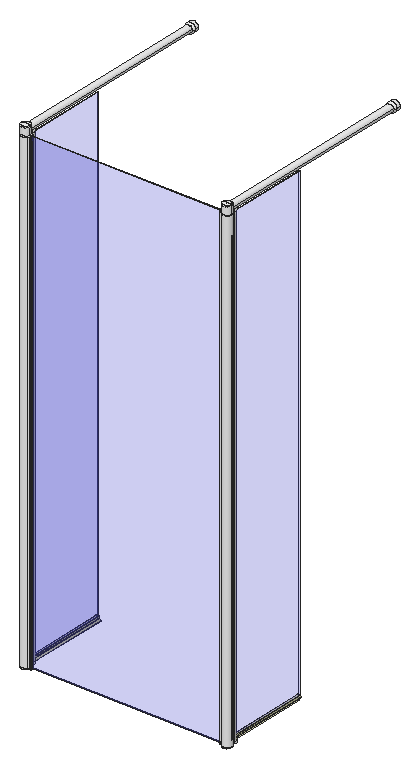
Revit family "FUT2", category Plumbing Fixtures, Revit 2015
Parameters (values of type "900")
  URL = "http://www.sanswiss.com/"
  Type Comments = "WALK IN FUN"
  Seal = Seal
  Model = "FUT2"
  Manufacturer = "SanSwiss"
  Glass = Glass
  Chrome = Chrome - Polished
  Aluminium = Aluminum - Polished
  X = 890 mm
Types (6, lengths in mm): name | X
  (no name) | 890
  1200 | 1190
  1400 | 1390
  1600 | 1590
  900 | 890
  1000 | 990
Reference planes
  plane 1 "Center (Front/Back)": y = 0
  plane 2: z = 0
  plane 3 "Center (Left/Right)": x = 0
  plane 4 "back": y = 900
  plane 5 "left": x = -890
  plane 6 "stabiliser": y = 23.011
  plane 7: x = -445
  plane 8: x = -4.043
  plane 9: x = -1185.957
  plane 10: y = 4.5
Forms (mm)
  Sweep 1, solid, material "Chrome - Polished" <- "Chrome"
    path origin (0, 0, 0) x (1, 0, 0) y (0, 0, 1)
      loop
        line (0, 1998.3) -> (0, 2002.6)
    profile origin (0, 0, 2000.45) x (-1, 0, 0) y (0, -1, 0)
      loop
        circle (22.63, -23.011) r 15
      loop
        line (51.63, -26.801) -> (51.63, -19.211)
        arc (51.63, -19.211) -> (51.393, -18.638) -> (50.819, -18.4) r 0.811
        line (50.819, -18.4) -> (47.095, -18.4)
        arc (47.095, -18.4) -> (42.171, -17.103) -> (38.524, -13.548) r 9.996
        arc (38.524, -13.548) -> (10.377, -9.258) -> (11.4, -37.712) r 18.486
        arc (11.4, -37.712) -> (14.281, -41.225) -> (15.319, -45.649) r 10.045
        line (15.319, -45.649) -> (15.319, -47.864)
        arc (15.319, -47.864) -> (15.238, -48.262) -> (15.008, -48.597) r 1.018
        arc (15.008, -48.597) -> (22.625, -66.78) -> (30.242, -48.597) r 10.687
        arc (30.242, -48.597) -> (30.016, -48.259) -> (29.93, -47.862) r 1.087
        line (29.93, -47.862) -> (29.93, -45.66)
        arc (29.93, -45.66) -> (30.965, -41.223) -> (33.856, -37.702) r 10.03
        arc (33.856, -37.702) -> (36.427, -35.312) -> (38.505, -32.482) r 18.633
        arc (38.505, -32.482) -> (42.163, -28.911) -> (47.107, -27.611) r 10.007
        line (47.107, -27.611) -> (50.819, -27.611)
        arc (50.819, -27.611) -> (51.393, -27.374) -> (51.63, -26.801) r 0.811
  Sweep 2, solid, material "Aluminum - Polished" <- "Aluminium"
    path origin (0, 0, 0) x (1, 0, 0) y (0, 0, 1)
      loop
        line (0, 1998.3) -> (0, 4.3)
    profile origin (0, 0, 1001.3) x (0, -1, 0) y (1, 0, 0)
      loop
        arc (-27.611, -50.798) -> (-26.806, -51.604) -> (-26, -50.798) r 0.806
        line (-26, -50.798) -> (-26.611, -49.925) -> (-26.122, -49.226) -> (-26.611, -48.526) -> (-26.09, -47.905) -> (-26.611, -47.161) -> (-26.103, -46.555) -> (-26.625, -44.098) -> (-19.327, -44.098) -> (-20, -46.61) -> (-19.411, -47.199) -> (-19.885, -47.876) -> (-19.411, -48.553) -> (-19.872, -49.21) -> (-19.411, -49.868) -> (-20, -50.81)
        arc (-20, -50.81) -> (-19.2, -51.61) -> (-18.4, -50.81) r 0.8
        line (-18.4, -50.81) -> (-18.4, -47.074)
        arc (-18.4, -47.074) -> (-17.103, -42.15) -> (-13.548, -38.503) r 9.996
        arc (-13.548, -38.503) -> (-9.258, -10.356) -> (-37.712, -11.379) r 18.486
        arc (-37.712, -11.379) -> (-41.225, -14.259) -> (-45.649, -15.298) r 10.045
        line (-45.649, -15.298) -> (-47.97, -15.298) -> (-45.187, -18.081) -> (-45.187, -16.636) -> (-43.3, -16.371) -> (-43.3, -19.973)
        arc (-43.3, -19.973) -> (-44.635, -22.598) -> (-43.3, -25.223) r 3.248
        line (-43.3, -25.223) -> (-43.3, -28.834) -> (-45.191, -28.568) -> (-45.191, -27.119) -> (-47.981, -29.909) -> (-45.66, -29.909)
        arc (-45.66, -29.909) -> (-41.223, -30.944) -> (-37.702, -33.834) r 10.03
        arc (-37.702, -33.834) -> (-35.312, -36.406) -> (-32.482, -38.484) r 18.633
        arc (-32.482, -38.484) -> (-28.911, -42.142) -> (-27.611, -47.086) r 10.007
        line (-27.611, -47.086) -> (-27.611, -50.798)
  Sweep 3, solid, material "Chrome - Polished" <- "Chrome"
    path origin (0, 0, 0) x (1, 0, 0) y (0, 0, 1)
      loop
        line (0, 4.3) -> (0, 0)
    profile origin (0, 0, 2.15) x (0, -1, 0) y (1, 0, 0)
      loop
        circle (-23.006, -22.654) r 15.002
      loop
        arc (-37.712, -11.423) -> (-41.225, -14.304) -> (-45.649, -15.342) r 10.045
        line (-45.649, -15.342) -> (-47.864, -15.342)
        arc (-47.864, -15.342) -> (-48.262, -15.261) -> (-48.597, -15.031) r 1.018
        arc (-48.597, -15.031) -> (-66.78, -22.649) -> (-48.597, -30.266) r 10.687
        arc (-48.597, -30.266) -> (-48.259, -30.04) -> (-47.862, -29.954) r 1.087
        line (-47.862, -29.954) -> (-45.66, -29.954)
        arc (-45.66, -29.954) -> (-41.223, -30.988) -> (-37.702, -33.879) r 10.03
        arc (-37.702, -33.879) -> (-35.312, -36.451) -> (-32.482, -38.529) r 18.633
        arc (-32.482, -38.529) -> (-28.911, -42.186) -> (-27.611, -47.13) r 10.007
        line (-27.611, -47.13) -> (-27.611, -50.843)
        arc (-27.611, -50.843) -> (-27.374, -51.416) -> (-26.801, -51.654) r 0.811
        line (-26.801, -51.654) -> (-19.211, -51.654)
        arc (-19.211, -51.654) -> (-18.638, -51.416) -> (-18.4, -50.842) r 0.811
        line (-18.4, -50.842) -> (-18.4, -47.119)
        arc (-18.4, -47.119) -> (-17.103, -42.194) -> (-13.548, -38.548) r 9.996
        arc (-13.548, -38.548) -> (-9.258, -10.401) -> (-37.712, -11.423) r 18.486
  Sweep 4, solid, material "Chrome - Polished" <- "Chrome"
    path origin (0, 0, 0) x (0, 1, 0) y (0, 0, 1)
      loop
        line (0, 7.8) -> (0, 4.3)
    profile origin (0, 0, 6.05) x (1, 0, 0) y (0, 1, 0)
      loop
        circle (-22.618, 56.1) r 9
  Sweep 5, solid, material "Chrome - Polished" <- "Chrome"
    path origin (-890, 0, 0) x (0, 1, 0) y (0, 0, 1)
      loop
        line (0, 1998.3) -> (0, 1994.8)
    profile origin (-890, 0, 1996.55) x (1, 0, 0) y (0, 1, 0)
      loop
        circle (867.404, 56.111) r 9
  Sweep 6, solid, material "Aluminum - Polished" <- "Aluminium"
    path origin (0, 0, 0) x (0, 1, 0) y (0, 0, 1)
      loop
        line (0, 1994.8) -> (0, 7.8)
    profile origin (0, 0, 1001.3) x (1, 0, 0) y (0, 1, 0)
      loop
        arc (-26.304, 64.297) -> (-22.587, 47.115) -> (-18.87, 64.297) r 8.993
        arc (-18.87, 64.297) -> (-19.773, 63.71) -> (-19.285, 62.75) r 0.805
        line (-19.285, 62.75) -> (-19.285, 58.664)
        arc (-19.285, 58.664) -> (-22.592, 51.961) -> (-25.899, 58.664) r 4.167
        line (-25.899, 58.664) -> (-25.899, 62.545)
        arc (-25.899, 62.545) -> (-25.398, 63.584) -> (-26.304, 64.297) r 0.921
  Extrusion 7, solid, material "Seal" <- "Seal"
    sketch origin (36.033, 0, 0) x (1, 0, 0) y (0, 0, 1)
      loop
        line (-59.491, 10.9) -> (-58.97, 0.914) -> (-58.641, -0.098) -> (-58.295, 0.914) -> (-57.773, 10.9) -> (-54.932, 10.9)
        arc (-54.932, 10.9) -> (-53.598, 11.491) -> (-53.141, 12.876) r 1.8
        line (-53.141, 12.876) -> (-54.196, 23.597)
        arc (-54.196, 23.597) -> (-54.774, 24.302) -> (-55.647, 24.04) r 0.822
        line (-55.647, 24.04) -> (-54.706, 14.491)
        arc (-54.706, 14.491) -> (-55.452, 13.807) -> (-54.588, 13.282) r 0.632
        arc (-54.588, 13.282) -> (-54.57, 12.735) -> (-54.903, 12.3) r 0.815
        line (-54.903, 12.3) -> (-62.337, 12.3)
        arc (-62.337, 12.3) -> (-62.601, 12.759) -> (-62.677, 13.282) r 1.407
        arc (-62.677, 13.282) -> (-61.811, 13.807) -> (-62.558, 14.491) r 0.632
        line (-62.558, 14.491) -> (-61.606, 24.158)
        arc (-61.606, 24.158) -> (-62.51, 24.329) -> (-63.068, 23.597) r 0.876
        line (-63.068, 23.597) -> (-64.169, 12.412)
        arc (-64.169, 12.412) -> (-67.551, 9.237) -> (-71.763, 7.291) r 14.508
        arc (-71.763, 7.291) -> (-72.113, 6.669) -> (-71.491, 6.318) r 0.505
        arc (-71.491, 6.318) -> (-66.744, 7.906) -> (-62.732, 10.9) r 15.781
        line (-62.732, 10.9) -> (-59.491, 10.9)
    from -65.021 to -404.5
  Extrusion 8, solid, material "Glass" <- "Glass"
    sketch origin (36.024, -26.521, 0) x (1, 0, 0) y (0, 1, 0)
      loop
        line (-61.632, 56.1) -> (-55.632, 56.1) -> (-55.632, 431.021) -> (-61.632, 431.021) -> (-61.632, 56.1)
    from 12.3 to 1989.3
  Extrusion 9, solid, material "Glass" <- "Glass"
    sketch origin (0, 0, 0) x (1, 0, 0) y (0, 1, 0)
      loop
        line (-44.098, 26) -> (-852.6, 26) -> (-852.6, 20) -> (-44.098, 20) -> (-44.098, 26)
    from 1.5 to 2000.5
  Sweep 10, solid, material "Chrome - Polished" <- "Chrome"
    path origin (-1200, 0, 0) x (-1, 0, 0) y (0, 0, 1)
      loop
        line (-310, 1998.3) -> (-310, 2002.6)
    profile origin (-890, 0, 2000.45) x (-1, 0, 0) y (0, -1, 0)
      loop
        circle (-22.63, -23.011) r 15
      loop
        arc (-51.63, -26.801) -> (-51.393, -27.374) -> (-50.819, -27.611) r 0.811
        line (-50.819, -27.611) -> (-47.107, -27.611)
        arc (-47.107, -27.611) -> (-42.163, -28.911) -> (-38.505, -32.482) r 10.007
        arc (-38.505, -32.482) -> (-36.427, -35.312) -> (-33.856, -37.702) r 18.633
        arc (-33.856, -37.702) -> (-30.965, -41.223) -> (-29.93, -45.66) r 10.03
        line (-29.93, -45.66) -> (-29.93, -47.862)
        arc (-29.93, -47.862) -> (-30.016, -48.259) -> (-30.242, -48.597) r 1.087
        arc (-30.242, -48.597) -> (-22.625, -66.78) -> (-15.008, -48.597) r 10.687
        arc (-15.008, -48.597) -> (-15.238, -48.262) -> (-15.319, -47.864) r 1.018
        line (-15.319, -47.864) -> (-15.319, -45.649)
        arc (-15.319, -45.649) -> (-14.281, -41.225) -> (-11.4, -37.712) r 10.045
        arc (-11.4, -37.712) -> (-10.377, -9.258) -> (-38.524, -13.548) r 18.486
        arc (-38.524, -13.548) -> (-42.171, -17.103) -> (-47.095, -18.4) r 9.996
        line (-47.095, -18.4) -> (-50.819, -18.4)
        arc (-50.819, -18.4) -> (-51.393, -18.638) -> (-51.63, -19.211) r 0.811
        line (-51.63, -19.211) -> (-51.63, -26.801)
  Sweep 11, solid, material "Aluminum - Polished" <- "Aluminium"
    path origin (-1200, 0, 0) x (-1, 0, 0) y (0, 0, 1)
      loop
        line (-310, 1998.3) -> (-310, 4.3)
    profile origin (-890, 0, 1001.3) x (0, -1, 0) y (1, 0, 0)
      loop
        line (-27.611, 50.798) -> (-27.611, 47.086)
        arc (-27.611, 47.086) -> (-28.911, 42.142) -> (-32.482, 38.484) r 10.007
        arc (-32.482, 38.484) -> (-35.312, 36.406) -> (-37.702, 33.834) r 18.633
        arc (-37.702, 33.834) -> (-41.223, 30.944) -> (-45.66, 29.909) r 10.03
        line (-45.66, 29.909) -> (-47.981, 29.909) -> (-45.191, 27.119) -> (-45.191, 28.568) -> (-43.3, 28.834) -> (-43.3, 25.223)
        arc (-43.3, 25.223) -> (-44.635, 22.598) -> (-43.3, 19.973) r 3.248
        line (-43.3, 19.973) -> (-43.3, 16.371) -> (-45.187, 16.636) -> (-45.187, 18.081) -> (-47.97, 15.298) -> (-45.649, 15.298)
        arc (-45.649, 15.298) -> (-41.225, 14.259) -> (-37.712, 11.379) r 10.045
        arc (-37.712, 11.379) -> (-9.258, 10.356) -> (-13.548, 38.503) r 18.486
        arc (-13.548, 38.503) -> (-17.103, 42.15) -> (-18.4, 47.074) r 9.996
        line (-18.4, 47.074) -> (-18.4, 50.81)
        arc (-18.4, 50.81) -> (-19.2, 51.61) -> (-20, 50.81) r 0.8
        line (-20, 50.81) -> (-19.411, 49.868) -> (-19.872, 49.21) -> (-19.411, 48.553) -> (-19.885, 47.876) -> (-19.411, 47.199) -> (-20, 46.61) -> (-19.327, 44.098) -> (-26.625, 44.098) -> (-26.103, 46.555) -> (-26.611, 47.161) -> (-26.09, 47.905) -> (-26.611, 48.526) -> (-26.122, 49.226) -> (-26.611, 49.925) -> (-26, 50.798)
        arc (-26, 50.798) -> (-26.806, 51.604) -> (-27.611, 50.798) r 0.806
  Sweep 12, solid, material "Chrome - Polished" <- "Chrome"
    path origin (-1200, 0, 0) x (-1, 0, 0) y (0, 0, 1)
      loop
        line (-310, 4.3) -> (-310, 0)
    profile origin (-890, 0, 2.15) x (0, -1, 0) y (1, 0, 0)
      loop
        circle (-23.006, 22.654) r 15.002
      loop
        arc (-37.712, 11.423) -> (-9.258, 10.401) -> (-13.548, 38.548) r 18.486
        arc (-13.548, 38.548) -> (-17.103, 42.194) -> (-18.4, 47.119) r 9.996
        line (-18.4, 47.119) -> (-18.4, 50.842)
        arc (-18.4, 50.842) -> (-18.638, 51.416) -> (-19.211, 51.654) r 0.811
        line (-19.211, 51.654) -> (-26.801, 51.654)
        arc (-26.801, 51.654) -> (-27.374, 51.416) -> (-27.611, 50.843) r 0.811
        line (-27.611, 50.843) -> (-27.611, 47.13)
        arc (-27.611, 47.13) -> (-28.911, 42.186) -> (-32.482, 38.529) r 10.007
        arc (-32.482, 38.529) -> (-35.312, 36.451) -> (-37.702, 33.879) r 18.633
        arc (-37.702, 33.879) -> (-41.223, 30.988) -> (-45.66, 29.954) r 10.03
        line (-45.66, 29.954) -> (-47.862, 29.954)
        arc (-47.862, 29.954) -> (-48.259, 30.04) -> (-48.597, 30.266) r 1.087
        arc (-48.597, 30.266) -> (-66.78, 22.649) -> (-48.597, 15.031) r 10.687
        arc (-48.597, 15.031) -> (-48.262, 15.261) -> (-47.864, 15.342) r 1.018
        line (-47.864, 15.342) -> (-45.649, 15.342)
        arc (-45.649, 15.342) -> (-41.225, 14.304) -> (-37.712, 11.423) r 10.045
  Extrusion 13, solid, material "Seal" <- "Seal"
    sketch origin (-1236.033, 0, 0) x (-1, 0, 0) y (0, 0, -1)
      loop
        line (-369.491, -10.9) -> (-372.732, -10.9)
        arc (-372.732, -10.9) -> (-376.744, -7.906) -> (-381.491, -6.318) r 15.781
        arc (-381.491, -6.318) -> (-382.113, -6.669) -> (-381.763, -7.291) r 0.505
        arc (-381.763, -7.291) -> (-377.551, -9.237) -> (-374.169, -12.412) r 14.508
        line (-374.169, -12.412) -> (-373.068, -23.597)
        arc (-373.068, -23.597) -> (-372.51, -24.329) -> (-371.606, -24.158) r 0.876
        line (-371.606, -24.158) -> (-372.558, -14.491)
        arc (-372.558, -14.491) -> (-371.811, -13.807) -> (-372.677, -13.282) r 0.632
        arc (-372.677, -13.282) -> (-372.601, -12.759) -> (-372.337, -12.3) r 1.407
        line (-372.337, -12.3) -> (-364.903, -12.3)
        arc (-364.903, -12.3) -> (-364.57, -12.735) -> (-364.588, -13.282) r 0.815
        arc (-364.588, -13.282) -> (-365.452, -13.807) -> (-364.706, -14.491) r 0.632
        line (-364.706, -14.491) -> (-365.647, -24.04)
        arc (-365.647, -24.04) -> (-364.774, -24.302) -> (-364.196, -23.597) r 0.822
        line (-364.196, -23.597) -> (-363.141, -12.876)
        arc (-363.141, -12.876) -> (-363.598, -11.491) -> (-364.932, -10.9) r 1.8
        line (-364.932, -10.9) -> (-367.773, -10.9) -> (-368.295, -0.914) -> (-368.641, 0.098) -> (-368.97, -0.914) -> (-369.491, -10.9)
    from -65.021 to -404.5
  Extrusion 14, solid, material "Glass" <- "Glass"
    sketch origin (-1236.024, -26.521, 0) x (-1, 0, 0) y (0, -1, 0)
      loop
        line (-371.632, -56.1) -> (-371.632, -431.021) -> (-365.632, -431.021) -> (-365.632, -56.1) -> (-371.632, -56.1)
    from 12.3 to 1989.3
  Sweep 15, solid, material "Chrome - Polished" <- "Chrome"
    path origin (-890, 0, 0) x (0, 1, 0) y (0, 0, 1)
      loop
        line (0, 7.8) -> (0, 4.3)
    profile origin (-890, 0, 6.05) x (1, 0, 0) y (0, 1, 0)
      loop
        circle (22.382, 56.111) r 9
  Sweep 16, solid, material "Chrome - Polished" <- "Chrome"
    path origin (-890, 0, 0) x (0, 1, 0) y (0, 0, 1)
      loop
        line (0, 1998.3) -> (0, 1994.8)
    profile origin (-890, 0, 1996.55) x (1, 0, 0) y (0, 1, 0)
      loop
        circle (22.608, 56.1) r 9
  Sweep 17, solid, material "Aluminum - Polished" <- "Aluminium"
    path origin (-890, 0, 0) x (0, 1, 0) y (0, 0, 1)
      loop
        line (0, 1994.8) -> (0, 7.8)
    profile origin (-890, 0, 1001.3) x (1, 0, 0) y (0, 1, 0)
      loop
        arc (26.325, 64.289) -> (25.419, 63.575) -> (25.92, 62.537) r 0.921
        line (25.92, 62.537) -> (25.92, 58.655)
        arc (25.92, 58.655) -> (22.613, 51.953) -> (19.306, 58.655) r 4.167
        line (19.306, 58.655) -> (19.306, 62.742)
        arc (19.306, 62.742) -> (19.794, 63.702) -> (18.891, 64.289) r 0.805
        arc (18.891, 64.289) -> (22.608, 47.107) -> (26.325, 64.289) r 8.993
Dimensions and locks
  plane 1 "Center (Front/Back)" to plane 4 "back" = 900 mm
  "X": plane 5 "left" to plane 3 "Center (Left/Right)"
  equal spacing: plane 5 "left", plane 7, plane 3 "Center (Left/Right)"
  plane 9 to Sweep 1 = 1181.77 mm
  Extrusion 8 to plane 10 = 400 mm
  Extrusion 14 to plane 10 = 400 mm
  aligned and locked: level to plane 2
  aligned and locked: plane 5 "left" to nested 2
Automatic sketch dimensions
  Sweep 1 sketch curve to plane 3 "Center (Left/Right)" = 0 mm
  level to Sweep 1 sketch curve = 1998.3 mm
  Sweep 1 sketch curve to Sweep 1 sketch curve = 4.3 mm
  Sweep 1 sketch curve to profile plane = 5.273 mm
  Sweep 1 sketch curve to Sweep 1 sketch curve = 9.027 mm
  Sweep 1 sketch curve to Sweep 1 sketch curve = 1.018 mm
  Sweep 1 sketch curve to profile plane = 22.515 mm
  Sweep 1 sketch curve to Sweep 1 sketch curve = 7.306 mm
  Sweep 1 sketch curve to Sweep 1 sketch curve = 0.116 mm
  Sweep 1 sketch curve to Sweep 1 sketch curve = 0.044 mm
  Sweep 1 sketch curve to Sweep 1 sketch curve = 7.305 mm
  Sweep 1 sketch curve to Sweep 1 sketch curve = 1.087 mm
  Sweep 1 sketch curve to Sweep 1 sketch curve = 8.944 mm
  Sweep 1 sketch curve to Sweep 1 sketch curve = 7.133 mm
  Sweep 1 sketch curve to Sweep 1 sketch curve = 0.001 mm
  Sweep 1 sketch curve to Sweep 1 sketch curve = 0.011 mm
  Sweep 1 sketch curve to Sweep 1 sketch curve = 3.724 mm
  Sweep 1 sketch curve to Sweep 1 sketch curve = 3.713 mm
  Sweep 1 sketch curve to Sweep 1 sketch curve = 0.811 mm
  Sweep 1 sketch curve to plane 1 "Center (Front/Back)" = 56.093 mm
  Sweep 1 sketch curve to Sweep 1 sketch curve = 8.229 mm
  Sweep 1 sketch curve to Sweep 1 sketch curve = 8.231 mm
  Sweep 1 sketch curve to Sweep 1 sketch curve = 0.028 mm
  Sweep 1 sketch curve to Sweep 1 sketch curve = 2.191 mm
  Sweep 1 sketch curve to Sweep 1 sketch curve = 2.174 mm
  Sweep 1 sketch curve to Sweep 1 sketch curve = 2.216 mm
  Sweep 1 sketch curve to Sweep 1 sketch curve = 8.042 mm
  Sweep 1 sketch curve to Sweep 1 sketch curve = 10.007 mm
  Sweep 1 sketch curve to plane 1 "Center (Front/Back)" = 23.061 mm
  Sweep 1 sketch curve to Sweep 1 sketch curve = 0.05 mm
  Sweep 1 sketch curve to Sweep 1 sketch curve = 0.093 mm
  Sweep 1 sketch curve to Sweep 1 sketch curve = 7.589 mm
  Sweep 1 sketch curve to plane 1 "Center (Front/Back)" = 8.404 mm
  Sweep 1 sketch curve to Sweep 1 sketch curve = 0 mm  (x2)
  Sweep 1 sketch curve to Sweep 1 sketch curve = 0.311 mm
  Sweep 2 sketch curve to plane 3 "Center (Left/Right)" = 0 mm
  level to Sweep 2 sketch curve = 4.3 mm
  Sweep 2 sketch curve to Sweep 2 sketch curve = 1994 mm
  profile plane to Sweep 2 sketch curve = 29.909 mm
  Sweep 2 sketch curve to plane 1 "Center (Front/Back)" = 47.981 mm
  profile plane to Sweep 2 sketch curve = 15.298 mm
  Sweep 2 sketch curve to Sweep 2 sketch curve = 0.011 mm
  Sweep 2 sketch curve to Sweep 2 sketch curve = 2.297 mm
  Sweep 2 sketch curve to Sweep 2 sketch curve = 2.321 mm  (x2)
  Sweep 2 sketch curve to Sweep 2 sketch curve = 0.469 mm
  profile plane to Sweep 2 sketch curve = 16.636 mm
  Sweep 2 sketch curve to Sweep 2 sketch curve = 0.462 mm
  Sweep 2 sketch curve to Sweep 2 sketch curve = 1.891 mm
  Sweep 2 sketch curve to Sweep 2 sketch curve = 1.887 mm
  Sweep 2 sketch curve to Sweep 2 sketch curve = 1.913 mm
  Sweep 2 sketch curve to Sweep 2 sketch curve = 8.042 mm
  Sweep 2 sketch curve to Sweep 2 sketch curve = 10.007 mm
  Sweep 2 sketch curve to Sweep 2 sketch curve = 0.806 mm
  Sweep 2 sketch curve to Sweep 2 sketch curve = 0.986 mm
  Sweep 2 sketch curve to Sweep 2 sketch curve = 1 mm
  Sweep 2 sketch curve to Sweep 2 sketch curve = 0.194 mm
  Sweep 2 sketch curve to Sweep 2 sketch curve = 0 mm  (x4)
  Sweep 2 sketch curve to Sweep 2 sketch curve = 0.49 mm
  Sweep 2 sketch curve to Sweep 2 sketch curve = 0.509 mm
  Sweep 2 sketch curve to Sweep 2 sketch curve = 0.521 mm
  Sweep 2 sketch curve to Sweep 2 sketch curve = 18.325 mm
  Sweep 2 sketch curve to Sweep 2 sketch curve = 0.143 mm
  Sweep 2 sketch curve to Sweep 2 sketch curve = 6.103 mm
  Sweep 2 sketch curve to Sweep 2 sketch curve = 0.115 mm
  Sweep 2 sketch curve to Sweep 2 sketch curve = 0.013 mm
  Sweep 2 sketch curve to Sweep 2 sketch curve = 0.461 mm  (x2)
  Sweep 2 sketch curve to Sweep 2 sketch curve = 0.474 mm
  Sweep 2 sketch curve to Sweep 2 sketch curve = 0.673 mm
  Sweep 2 sketch curve to Sweep 2 sketch curve = 0.8 mm
  Sweep 2 sketch curve to Sweep 2 sketch curve = 1.011 mm
  Sweep 2 sketch curve to plane 1 "Center (Front/Back)" = 8.404 mm
  Sweep 2 sketch curve to Sweep 2 sketch curve = 10.03 mm
  Sweep 2 sketch curve to Sweep 2 sketch curve = 4.158 mm
  Sweep 2 sketch curve to Sweep 2 sketch curve = 2.457 mm
  Sweep 2 sketch curve to Sweep 2 sketch curve = 2.513 mm
  Sweep 2 sketch curve to Sweep 2 sketch curve = 7.133 mm
  Sweep 2 sketch curve to Sweep 2 sketch curve = 0.464 mm
  Sweep 2 sketch curve to Sweep 2 sketch curve = 0.53 mm
  Sweep 2 sketch curve to Sweep 2 sketch curve = 0.606 mm
  Sweep 2 sketch curve to Sweep 2 sketch curve = 0.589 mm
  Sweep 2 sketch curve to Sweep 2 sketch curve = 0.677 mm  (x2)
  Sweep 2 sketch curve to Sweep 2 sketch curve = 0.744 mm
  Sweep 2 sketch curve to Sweep 2 sketch curve = 0.621 mm
  Sweep 2 sketch curve to Sweep 2 sketch curve = 0.658 mm  (x2)
  Sweep 2 sketch curve to Sweep 2 sketch curve = 0.699 mm  (x2)
  Sweep 2 sketch curve to Sweep 2 sketch curve = 0.873 mm
  Sweep 2 sketch curve to Sweep 2 sketch curve = 0.942 mm
  Sweep 2 sketch curve to Sweep 2 sketch curve = 1.075 mm
  Sweep 2 sketch curve to Sweep 2 sketch curve = 1.341 mm
  Sweep 2 sketch curve to Sweep 2 sketch curve = 1.449 mm
  Sweep 2 sketch curve to Sweep 2 sketch curve = 1.896 mm
  Sweep 2 sketch curve to Sweep 2 sketch curve = 2.57 mm
  Sweep 2 sketch curve to Sweep 2 sketch curve = 2.625 mm
  Sweep 2 sketch curve to Sweep 2 sketch curve = 0.159 mm
  Sweep 2 sketch curve to Sweep 2 sketch curve = 1.444 mm
  Sweep 2 sketch curve to Sweep 2 sketch curve = 0.265 mm
  profile plane to Sweep 2 sketch curve = 5.252 mm
  Sweep 2 sketch curve to Sweep 2 sketch curve = 0.012 mm
  Sweep 3 sketch curve to level = 0 mm
  Sweep 3 sketch curve to plane 3 "Center (Left/Right)" = 0 mm
  level to Sweep 3 sketch curve = 4.3 mm
  profile plane to Sweep 3 sketch curve = 22.649 mm
  Sweep 3 sketch curve to plane 1 "Center (Front/Back)" = 56.093 mm
  Sweep 3 sketch curve to Sweep 3 sketch curve = 8.229 mm
  Sweep 3 sketch curve to Sweep 3 sketch curve = 8.231 mm
  Sweep 3 sketch curve to Sweep 3 sketch curve = 0.028 mm
  profile plane to Sweep 3 sketch curve = 5.297 mm
  Sweep 3 sketch curve to Sweep 3 sketch curve = 2.191 mm
  Sweep 3 sketch curve to Sweep 3 sketch curve = 2.174 mm
  Sweep 3 sketch curve to Sweep 3 sketch curve = 2.216 mm
  Sweep 3 sketch curve to Sweep 3 sketch curve = 8.042 mm
  Sweep 3 sketch curve to Sweep 3 sketch curve = 10.007 mm
  Sweep 3 sketch curve to Sweep 3 sketch curve = 0.811 mm  (x2)
  Sweep 3 sketch curve to plane 1 "Center (Front/Back)" = 23.061 mm
  Sweep 3 sketch curve to Sweep 3 sketch curve = 0.055 mm
  Sweep 3 sketch curve to Sweep 3 sketch curve = 0.088 mm
  Sweep 3 sketch curve to Sweep 3 sketch curve = 7.589 mm
  Sweep 3 sketch curve to plane 1 "Center (Front/Back)" = 8.404 mm
  profile plane to Sweep 3 sketch curve = 22.654 mm
  Sweep 3 sketch curve to Sweep 3 sketch curve = 0.044 mm
  Sweep 3 sketch curve to Sweep 3 sketch curve = 7.305 mm
  Sweep 3 sketch curve to Sweep 3 sketch curve = 1.087 mm
  Sweep 3 sketch curve to Sweep 3 sketch curve = 8.944 mm
  Sweep 3 sketch curve to Sweep 3 sketch curve = 7.133 mm
  Sweep 3 sketch curve to Sweep 3 sketch curve = 0.001 mm
  Sweep 3 sketch curve to Sweep 3 sketch curve = 0.011 mm
  Sweep 3 sketch curve to Sweep 3 sketch curve = 3.724 mm
  Sweep 3 sketch curve to Sweep 3 sketch curve = 0.116 mm
  Sweep 3 sketch curve to Sweep 3 sketch curve = 10.045 mm
  Sweep 3 sketch curve to Sweep 3 sketch curve = 1.018 mm
  Sweep 3 sketch curve to Sweep 3 sketch curve = 0 mm  (x3)
  Sweep 4 sketch curve to plane 3 "Center (Left/Right)" = 22.618 mm
  Sweep 4 sketch curve to profile plane = 56.1 mm
  Sweep 5 sketch curve to Sweep 5 sketch curve = 0 mm  (x2)
  Sweep 5 sketch curve to plane 3 "Center (Left/Right)" = 22.596 mm
  Sweep 5 sketch curve to profile plane = 56.111 mm
  Sweep 5 sketch curve to Sweep 5 sketch curve = 9 mm
  Sweep 6 sketch curve to plane 1 "Center (Front/Back)" = 0 mm
  level to Sweep 6 sketch curve = 7.8 mm
  Sweep 6 sketch curve to Sweep 6 sketch curve = 1987 mm
  Sweep 6 sketch curve to plane 3 "Center (Left/Right)" = 26.295 mm
  Sweep 6 sketch curve to Sweep 6 sketch curve = 0.396 mm
  Sweep 6 sketch curve to Sweep 6 sketch curve = 3.307 mm  (x2)
  Sweep 6 sketch curve to Sweep 6 sketch curve = 0.005 mm
  Sweep 6 sketch curve to Sweep 6 sketch curve = 0.29 mm
  Sweep 6 sketch curve to profile plane = 56.108 mm
  Sweep 6 sketch curve to Sweep 6 sketch curve = 0.02 mm
  Sweep 6 sketch curve to Sweep 6 sketch curve = 2.535 mm
  Sweep 6 sketch curve to Sweep 6 sketch curve = 3.882 mm
  Sweep 6 sketch curve to Sweep 6 sketch curve = 4.086 mm
  Sweep 6 sketch curve to Sweep 6 sketch curve = 0.831 mm
  Sweep 6 sketch curve to Sweep 6 sketch curve = 0.752 mm
  Sweep 6 sketch curve to Sweep 6 sketch curve = 0.009 mm
  Extrusion 7 sketch curve to plane 3 "Center (Left/Right)" = 39.63 mm
  Extrusion 7 sketch curve to Extrusion 7 sketch curve = 1.605 mm
  level to Extrusion 7 sketch curve = 6.804 mm
  Extrusion 7 sketch curve to Extrusion 7 sketch curve = 4.037 mm
  level to Extrusion 7 sketch curve = 12.412 mm
  Extrusion 7 sketch curve to Extrusion 7 sketch curve = 7.458 mm
  Extrusion 7 sketch curve to Extrusion 7 sketch curve = 10.99 mm
  Extrusion 7 sketch curve to Extrusion 7 sketch curve = 1.437 mm
  level to Extrusion 7 sketch curve = 14.491 mm  (x2)
  Extrusion 7 sketch curve to Extrusion 7 sketch curve = 1.611 mm
  Extrusion 7 sketch curve to Extrusion 7 sketch curve = 0.117 mm
  Extrusion 7 sketch curve to Extrusion 7 sketch curve = 0.396 mm
  Extrusion 7 sketch curve to Extrusion 7 sketch curve = 0.872 mm
  Extrusion 7 sketch curve to Extrusion 7 sketch curve = 0.59 mm
  Extrusion 7 sketch curve to Extrusion 7 sketch curve = 1.17 mm
  level to Extrusion 7 sketch curve = 10.9 mm  (x2)
  Extrusion 7 sketch curve to Extrusion 7 sketch curve = 1.78 mm
  level to Extrusion 7 sketch curve = 0.914 mm  (x2)
  Extrusion 7 sketch curve to Extrusion 7 sketch curve = 0.521 mm
  Extrusion 7 sketch curve to level = 0.098 mm
  Extrusion 7 sketch curve to Extrusion 7 sketch curve = 0.329 mm
  Extrusion 7 sketch curve to Extrusion 7 sketch curve = 0.675 mm
  Extrusion 7 sketch curve to Extrusion 7 sketch curve = 1.717 mm
  Extrusion 7 sketch curve to Extrusion 7 sketch curve = 5.959 mm
  Extrusion 7 sketch curve to Extrusion 7 sketch curve = 2.427 mm
  Extrusion 7 sketch curve to Extrusion 7 sketch curve = 0.633 mm
  Extrusion 7 sketch curve to Extrusion 7 sketch curve = 0.414 mm
  Extrusion 7 sketch curve to Extrusion 7 sketch curve = 0.029 mm
  Extrusion 7 sketch curve to Extrusion 7 sketch curve = 0.524 mm
  Extrusion 7 sketch curve to Extrusion 7 sketch curve = 0.116 mm
  Extrusion 7 sketch curve to Extrusion 7 sketch curve = 0.818 mm
  level to Extrusion 7 sketch curve = 12.876 mm
  Extrusion 7 sketch curve to Extrusion 7 sketch curve = 1.791 mm
  Extrusion 7 sketch curve to Extrusion 7 sketch curve = 0.4 mm
  Extrusion 7 sketch curve to Extrusion 7 sketch curve = 0.284 mm
  Extrusion 7 sketch curve to Extrusion 7 sketch curve = 0.919 mm
  Extrusion 7 sketch curve to Extrusion 7 sketch curve = 0.621 mm  (x2)
  Extrusion 7 sketch curve to Extrusion 7 sketch curve = 8.852 mm
  Extrusion 7 sketch curve to Extrusion 7 sketch curve = 0.624 mm
  Extrusion 7 sketch curve to Extrusion 7 sketch curve = 9.021 mm
  Extrusion 7 sketch curve to Extrusion 7 sketch curve = 0.005 mm
  Extrusion 7 sketch curve to Extrusion 7 sketch curve = 0.086 mm
  Extrusion 7 sketch curve to Extrusion 7 sketch curve = 0.08 mm
  Extrusion 7 sketch curve to Extrusion 7 sketch curve = 0 mm
  Extrusion 8 sketch curve to plane 3 "Center (Left/Right)" = 25.608 mm
  Extrusion 8 sketch curve to Extrusion 8 sketch curve = 6 mm
  plane 6 "stabiliser" to Extrusion 8 sketch curve = 6.568 mm
  Extrusion 8 sketch curve to Extrusion 8 sketch curve = 374.921 mm
  plane 6 "stabiliser" to Extrusion 9 sketch curve = 2.989 mm
  plane 5 "left" to Extrusion 9 sketch curve = 37.4 mm
  Extrusion 9 sketch curve to plane 6 "stabiliser" = 3.011 mm
  Extrusion 9 sketch curve to plane 3 "Center (Left/Right)" = 44.098 mm
  Sweep 10 sketch curve to plane 5 "left" = 0 mm
  Sweep 10 sketch curve to level = 1998.3 mm
  Sweep 10 sketch curve to Sweep 10 sketch curve = 4.3 mm
  profile plane to Sweep 10 sketch curve = 51.63 mm
  Sweep 10 sketch curve to Sweep 10 sketch curve = 0.811 mm  (x2)
  Sweep 10 sketch curve to Sweep 10 sketch curve = 3.713 mm
  Sweep 10 sketch curve to Sweep 10 sketch curve = 3.724 mm
  Sweep 10 sketch curve to Sweep 10 sketch curve = 0.013 mm
  Sweep 10 sketch curve to Sweep 10 sketch curve = 7.133 mm
  Sweep 10 sketch curve to Sweep 10 sketch curve = 8.944 mm
  Sweep 10 sketch curve to Sweep 10 sketch curve = 1.087 mm
  profile plane to Sweep 10 sketch curve = 22.674 mm
  Sweep 10 sketch curve to Sweep 10 sketch curve = 0.044 mm
  Sweep 10 sketch curve to Sweep 10 sketch curve = 7.305 mm
  Sweep 10 sketch curve to Sweep 10 sketch curve = 0.116 mm
  Sweep 10 sketch curve to Sweep 10 sketch curve = 7.306 mm
  Sweep 10 sketch curve to Sweep 10 sketch curve = 1.018 mm
  profile plane to Sweep 10 sketch curve = 5.273 mm
  Sweep 10 sketch curve to plane 1 "Center (Front/Back)" = 56.093 mm
  Sweep 10 sketch curve to Sweep 10 sketch curve = 8.229 mm
  Sweep 10 sketch curve to Sweep 10 sketch curve = 8.231 mm
  Sweep 10 sketch curve to Sweep 10 sketch curve = 0.028 mm
  Sweep 10 sketch curve to Sweep 10 sketch curve = 2.191 mm
  Sweep 10 sketch curve to Sweep 10 sketch curve = 2.174 mm
  Sweep 10 sketch curve to Sweep 10 sketch curve = 2.216 mm
  Sweep 10 sketch curve to Sweep 10 sketch curve = 8.042 mm
  Sweep 10 sketch curve to Sweep 10 sketch curve = 10.007 mm
  Sweep 10 sketch curve to plane 1 "Center (Front/Back)" = 23.061 mm
  Sweep 10 sketch curve to Sweep 10 sketch curve = 0.05 mm
  Sweep 10 sketch curve to Sweep 10 sketch curve = 0.093 mm
  Sweep 10 sketch curve to Sweep 10 sketch curve = 7.589 mm
  Sweep 10 sketch curve to plane 1 "Center (Front/Back)" = 8.404 mm
  Sweep 10 sketch curve to Sweep 10 sketch curve = 0 mm  (x3)
  Sweep 11 sketch curve to plane 5 "left" = 0 mm
  Sweep 11 sketch curve to level = 4.3 mm
  Sweep 11 sketch curve to Sweep 11 sketch curve = 1994 mm
  Sweep 11 sketch curve to profile plane = 29.909 mm
  Sweep 11 sketch curve to plane 1 "Center (Front/Back)" = 47.981 mm
  Sweep 11 sketch curve to profile plane = 15.298 mm
  Sweep 11 sketch curve to Sweep 11 sketch curve = 0.011 mm
  Sweep 11 sketch curve to Sweep 11 sketch curve = 2.297 mm
  Sweep 11 sketch curve to Sweep 11 sketch curve = 2.321 mm  (x2)
  Sweep 11 sketch curve to Sweep 11 sketch curve = 0.469 mm
  Sweep 11 sketch curve to profile plane = 16.636 mm
  Sweep 11 sketch curve to Sweep 11 sketch curve = 0.462 mm
  Sweep 11 sketch curve to Sweep 11 sketch curve = 1.891 mm
  Sweep 11 sketch curve to Sweep 11 sketch curve = 1.887 mm
  Sweep 11 sketch curve to Sweep 11 sketch curve = 1.913 mm
  Sweep 11 sketch curve to Sweep 11 sketch curve = 8.042 mm
  Sweep 11 sketch curve to Sweep 11 sketch curve = 10.007 mm
  Sweep 11 sketch curve to Sweep 11 sketch curve = 0.806 mm
  Sweep 11 sketch curve to Sweep 11 sketch curve = 0.986 mm
  Sweep 11 sketch curve to Sweep 11 sketch curve = 1 mm
  Sweep 11 sketch curve to Sweep 11 sketch curve = 0.194 mm
  Sweep 11 sketch curve to Sweep 11 sketch curve = 0 mm  (x4)
  Sweep 11 sketch curve to Sweep 11 sketch curve = 0.49 mm
  Sweep 11 sketch curve to Sweep 11 sketch curve = 0.509 mm
  Sweep 11 sketch curve to Sweep 11 sketch curve = 0.521 mm
  Sweep 11 sketch curve to Sweep 11 sketch curve = 18.325 mm
  Sweep 11 sketch curve to Sweep 11 sketch curve = 0.143 mm
  Sweep 11 sketch curve to Sweep 11 sketch curve = 6.103 mm
  Sweep 11 sketch curve to Sweep 11 sketch curve = 0.115 mm
  Sweep 11 sketch curve to Sweep 11 sketch curve = 0.013 mm
  Sweep 11 sketch curve to Sweep 11 sketch curve = 0.461 mm  (x2)
  Sweep 11 sketch curve to Sweep 11 sketch curve = 0.474 mm
  Sweep 11 sketch curve to Sweep 11 sketch curve = 0.673 mm
  Sweep 11 sketch curve to Sweep 11 sketch curve = 0.8 mm
  Sweep 11 sketch curve to Sweep 11 sketch curve = 1.011 mm
  Sweep 11 sketch curve to plane 1 "Center (Front/Back)" = 8.404 mm
  Sweep 11 sketch curve to profile plane = 5.252 mm
  Sweep 11 sketch curve to Sweep 11 sketch curve = 0.265 mm
  Sweep 11 sketch curve to Sweep 11 sketch curve = 1.444 mm
  Sweep 11 sketch curve to Sweep 11 sketch curve = 1.892 mm
  Sweep 11 sketch curve to Sweep 11 sketch curve = 2.521 mm
  Sweep 11 sketch curve to Sweep 11 sketch curve = 2.625 mm
  Sweep 11 sketch curve to Sweep 11 sketch curve = 0.159 mm
  Sweep 11 sketch curve to Sweep 11 sketch curve = 1.896 mm
  Sweep 11 sketch curve to Sweep 11 sketch curve = 1.341 mm
  Sweep 11 sketch curve to Sweep 11 sketch curve = 0.266 mm
  Sweep 11 sketch curve to Sweep 11 sketch curve = 10.03 mm
  Sweep 11 sketch curve to Sweep 11 sketch curve = 10.263 mm
  Sweep 11 sketch curve to Sweep 11 sketch curve = 2.457 mm
  Sweep 11 sketch curve to Sweep 11 sketch curve = 2.513 mm
  Sweep 11 sketch curve to Sweep 11 sketch curve = 7.133 mm
  Sweep 11 sketch curve to Sweep 11 sketch curve = 0.464 mm
  Sweep 11 sketch curve to Sweep 11 sketch curve = 0.53 mm
  Sweep 11 sketch curve to Sweep 11 sketch curve = 0.606 mm
  Sweep 11 sketch curve to Sweep 11 sketch curve = 0.589 mm
  Sweep 11 sketch curve to Sweep 11 sketch curve = 0.677 mm  (x2)
  Sweep 11 sketch curve to Sweep 11 sketch curve = 0.744 mm
  Sweep 11 sketch curve to Sweep 11 sketch curve = 0.621 mm
  Sweep 11 sketch curve to Sweep 11 sketch curve = 0.658 mm  (x2)
  Sweep 11 sketch curve to Sweep 11 sketch curve = 0.699 mm  (x2)
  Sweep 11 sketch curve to Sweep 11 sketch curve = 0.873 mm
  Sweep 11 sketch curve to Sweep 11 sketch curve = 0.942 mm
  Sweep 11 sketch curve to Sweep 11 sketch curve = 0.012 mm
  Sweep 12 sketch curve to level = 0 mm
  Sweep 12 sketch curve to plane 5 "left" = 0 mm
  Sweep 12 sketch curve to Sweep 12 sketch curve = 4.3 mm
  Sweep 12 sketch curve to profile plane = 22.649 mm
  Sweep 12 sketch curve to plane 1 "Center (Front/Back)" = 56.093 mm
  Sweep 12 sketch curve to Sweep 12 sketch curve = 8.229 mm
  Sweep 12 sketch curve to Sweep 12 sketch curve = 8.231 mm
  Sweep 12 sketch curve to Sweep 12 sketch curve = 0.028 mm
  Sweep 12 sketch curve to profile plane = 5.297 mm
  Sweep 12 sketch curve to Sweep 12 sketch curve = 2.191 mm
  Sweep 12 sketch curve to Sweep 12 sketch curve = 2.174 mm
  Sweep 12 sketch curve to Sweep 12 sketch curve = 2.216 mm
  Sweep 12 sketch curve to Sweep 12 sketch curve = 8.042 mm
  Sweep 12 sketch curve to Sweep 12 sketch curve = 10.007 mm
  Sweep 12 sketch curve to Sweep 12 sketch curve = 0.811 mm  (x2)
  Sweep 12 sketch curve to plane 1 "Center (Front/Back)" = 23.061 mm
  Sweep 12 sketch curve to Sweep 12 sketch curve = 0.055 mm
  Sweep 12 sketch curve to Sweep 12 sketch curve = 0.088 mm
  Sweep 12 sketch curve to Sweep 12 sketch curve = 7.589 mm
  Sweep 12 sketch curve to plane 1 "Center (Front/Back)" = 8.404 mm
  Sweep 12 sketch curve to Sweep 12 sketch curve = 9.027 mm
  Sweep 12 sketch curve to Sweep 12 sketch curve = 1.018 mm
  Sweep 12 sketch curve to profile plane = 22.538 mm
  Sweep 12 sketch curve to Sweep 12 sketch curve = 0.116 mm
  Sweep 12 sketch curve to Sweep 12 sketch curve = 0.044 mm
  Sweep 12 sketch curve to Sweep 12 sketch curve = 7.305 mm
  Sweep 12 sketch curve to Sweep 12 sketch curve = 1.087 mm
  Sweep 12 sketch curve to Sweep 12 sketch curve = 8.944 mm
  Sweep 12 sketch curve to Sweep 12 sketch curve = 7.133 mm
  Sweep 12 sketch curve to Sweep 12 sketch curve = 0.001 mm
  Sweep 12 sketch curve to Sweep 12 sketch curve = 0.011 mm
  Sweep 12 sketch curve to Sweep 12 sketch curve = 3.724 mm
  Sweep 12 sketch curve to Sweep 12 sketch curve = 0 mm  (x3)
  Extrusion 13 sketch curve to plane 5 "left" = 39.63 mm
  Extrusion 13 sketch curve to Extrusion 13 sketch curve = 1.605 mm
  Extrusion 13 sketch curve to level = 6.804 mm
  Extrusion 13 sketch curve to Extrusion 13 sketch curve = 4.037 mm
  Extrusion 13 sketch curve to level = 12.412 mm
  Extrusion 13 sketch curve to Extrusion 13 sketch curve = 7.458 mm
  Extrusion 13 sketch curve to Extrusion 13 sketch curve = 10.99 mm
  Extrusion 13 sketch curve to Extrusion 13 sketch curve = 1.437 mm
  Extrusion 13 sketch curve to level = 14.491 mm  (x2)
  Extrusion 13 sketch curve to Extrusion 13 sketch curve = 1.611 mm
  Extrusion 13 sketch curve to Extrusion 13 sketch curve = 0.117 mm
  Extrusion 13 sketch curve to Extrusion 13 sketch curve = 0.396 mm
  Extrusion 13 sketch curve to Extrusion 13 sketch curve = 0.872 mm
  Extrusion 13 sketch curve to Extrusion 13 sketch curve = 0.59 mm
  Extrusion 13 sketch curve to Extrusion 13 sketch curve = 1.17 mm
  Extrusion 13 sketch curve to level = 10.9 mm  (x2)
  Extrusion 13 sketch curve to Extrusion 13 sketch curve = 1.78 mm
  Extrusion 13 sketch curve to level = 0.914 mm  (x2)
  Extrusion 13 sketch curve to Extrusion 13 sketch curve = 0.521 mm
  level to Extrusion 13 sketch curve = 0.098 mm
  Extrusion 13 sketch curve to Extrusion 13 sketch curve = 0.329 mm
  Extrusion 13 sketch curve to Extrusion 13 sketch curve = 0.675 mm
  Extrusion 13 sketch curve to Extrusion 13 sketch curve = 1.717 mm
  Extrusion 13 sketch curve to Extrusion 13 sketch curve = 5.959 mm
  Extrusion 13 sketch curve to Extrusion 13 sketch curve = 2.427 mm
  Extrusion 13 sketch curve to Extrusion 13 sketch curve = 0.633 mm
  Extrusion 13 sketch curve to Extrusion 13 sketch curve = 0.414 mm
  Extrusion 13 sketch curve to Extrusion 13 sketch curve = 0.029 mm
  Extrusion 13 sketch curve to Extrusion 13 sketch curve = 0.524 mm
  Extrusion 13 sketch curve to Extrusion 13 sketch curve = 0.116 mm
  Extrusion 13 sketch curve to Extrusion 13 sketch curve = 0.818 mm
  Extrusion 13 sketch curve to level = 12.876 mm
  Extrusion 13 sketch curve to Extrusion 13 sketch curve = 1.791 mm
  Extrusion 13 sketch curve to Extrusion 13 sketch curve = 0.4 mm
  Extrusion 13 sketch curve to Extrusion 13 sketch curve = 0.284 mm
  Extrusion 13 sketch curve to Extrusion 13 sketch curve = 0.919 mm
  Extrusion 13 sketch curve to Extrusion 13 sketch curve = 0.621 mm  (x2)
  Extrusion 13 sketch curve to Extrusion 13 sketch curve = 8.852 mm
  Extrusion 13 sketch curve to Extrusion 13 sketch curve = 0.624 mm
  Extrusion 13 sketch curve to Extrusion 13 sketch curve = 9.021 mm
  Extrusion 13 sketch curve to Extrusion 13 sketch curve = 0.005 mm
  Extrusion 13 sketch curve to Extrusion 13 sketch curve = 0.086 mm
  Extrusion 13 sketch curve to Extrusion 13 sketch curve = 0.08 mm
  Extrusion 13 sketch curve to Extrusion 13 sketch curve = 0 mm
  Extrusion 14 sketch curve to plane 5 "left" = 25.608 mm
  Extrusion 14 sketch curve to Extrusion 14 sketch curve = 6 mm
  Extrusion 14 sketch curve to plane 6 "stabiliser" = 6.568 mm
  Extrusion 14 sketch curve to Extrusion 14 sketch curve = 374.921 mm
  profile plane to Sweep 15 sketch curve = 22.382 mm
  Sweep 15 sketch curve to profile plane = 56.111 mm
  Sweep 16 sketch curve to Sweep 16 sketch curve = 0 mm  (x2)
  profile plane to Sweep 16 sketch curve = 22.608 mm
  Sweep 16 sketch curve to profile plane = 56.1 mm
  Sweep 16 sketch curve to Sweep 16 sketch curve = 9 mm
  Sweep 17 sketch curve to plane 1 "Center (Front/Back)" = 0 mm
  level to Sweep 17 sketch curve = 7.8 mm
  Sweep 17 sketch curve to Sweep 17 sketch curve = 1987 mm
  Sweep 5 sketch curve to plane 1 "Center (Front/Back)" = 0 mm
  level to Sweep 5 sketch curve = 1994.8 mm
  Sweep 5 sketch curve to Sweep 5 sketch curve = 3.5 mm
  plane 5 "left" to Sweep 17 sketch curve = 19.016 mm
  Sweep 17 sketch curve to Sweep 17 sketch curve = 0.29 mm
  Sweep 17 sketch curve to Sweep 17 sketch curve = 3.302 mm
  Sweep 17 sketch curve to Sweep 17 sketch curve = 0.005 mm
  Sweep 17 sketch curve to Sweep 17 sketch curve = 3.307 mm
  Sweep 17 sketch curve to Sweep 17 sketch curve = 0.396 mm
  Sweep 17 sketch curve to profile plane = 56.1 mm
  Sweep 17 sketch curve to Sweep 17 sketch curve = 0.02 mm
  Sweep 17 sketch curve to Sweep 17 sketch curve = 2.535 mm
  Sweep 17 sketch curve to Sweep 17 sketch curve = 3.882 mm
  Sweep 17 sketch curve to Sweep 17 sketch curve = 4.086 mm
  Sweep 17 sketch curve to Sweep 17 sketch curve = 0.831 mm
  Sweep 17 sketch curve to Sweep 17 sketch curve = 0.752 mm
  Sweep 17 sketch curve to Sweep 17 sketch curve = 0.125 mm
  Sweep 4 sketch curve to plane 1 "Center (Front/Back)" = 0 mm
  level to Sweep 4 sketch curve = 4.3 mm
  Sweep 4 sketch curve to Sweep 4 sketch curve = 3.5 mm
  Sweep 16 sketch curve to plane 1 "Center (Front/Back)" = 0 mm
  level to Sweep 16 sketch curve = 1994.8 mm
  Sweep 16 sketch curve to Sweep 16 sketch curve = 3.5 mm
  Sweep 15 sketch curve to plane 1 "Center (Front/Back)" = 0 mm
  level to Sweep 15 sketch curve = 4.3 mm
  Sweep 15 sketch curve to Sweep 15 sketch curve = 3.5 mm
  radius of Sweep 1 sketch curve = 15 mm
  radius of Sweep 3 sketch curve = 15.002 mm
  radius of Sweep 4 sketch curve = 9 mm
  radius of Sweep 10 sketch curve = 15 mm
  radius of Sweep 12 sketch curve = 15.002 mm
  radius of Sweep 15 sketch curve = 9 mm
Nested families
  nested 1: "stabiliser" at (0, 2.825, 0), type "stabiliser"
    with length 900 mm
  nested 2: "stabiliser" at (-890, 2.825, 0) x (-1, 0, 0) z (0, 0, 1), type "stabiliser"
    with length 900 mm
Definition of nested family "stabiliser"
  Parameters (values of type "stabiliser")
    Chrome = none
    Aluminium = none
    length [instance] = 900 mm
    URL = "http://www.sanswiss.com/"
    Type Comments = ""
    Model = ""
    Manufacturer = "SanSwiss"
  Reference planes
    plane 1 "Center (Front/Back)": y = 0
    plane 2: z = 0
    plane 3 "Center (Left/Right)": x = 0
    plane 4 "Back": y = 900
    plane 5 "Left": x = -1200
    plane 6 "bar back": y = 875
    plane 7 "stabiliser axis": z = 2018.156
    plane 8 "sttt": y = 20.175
  Forms (mm)
    Revolve 1, solid, material <- "Chrome"
      sketch origin (0, 0, 2018.156) x (0, -1, 0) y (1, 0, 0)
        loop
          line (-900, -22.663) -> (-875, -22.663) -> (-875, -7.833)
          arc (-875, -7.833) -> (-878.58, -4.435) -> (-883.359, -3.2) r 9.857
          line (-883.359, -3.2) -> (-900, -3.2) -> (-900, -22.663)
        axis (-875, -22.663) -> (-900, -22.663)
      angle from 0 to 360
    Extrusion 2, solid, material <- "Aluminium"
      sketch origin (0, 346, 0) x (1, 0, 0) y (0, 0, 1)
        loop
          circle (-22.619, 2018.156) r 13.658
      from -529 to 321.225
    Revolve 3, solid, material <- "Chrome"
      sketch origin (-45.162, 20.175, 0.011) x (-1, 0, 0) y (0, 0, 1)
        loop
          line (-22.619, 2002.6) -> (-4.119, 2002.6) -> (-4.119, 2033.679)
          arc (-4.119, 2033.679) -> (-4.481, 2034.825) -> (-5.434, 2035.557) r 1.999
          arc (-5.434, 2035.557) -> (-13.894, 2037.811) -> (-22.619, 2038.537) r 49.432
          line (-22.619, 2038.537) -> (-22.619, 2002.6)
        axis (-22.619, 2038.537) -> (-22.619, 2002.6)
      angle from 0 to 360
    Extrusion 4, void
      sketch origin (900, 0, 0) x (0, 1, 0) y (0, 0, 1)
        loop
          arc (38.658, 2032.768) -> (32.697, 2019.083) -> (38.658, 2005.399) r 18.688
          line (38.658, 2005.399) -> (38.658, 2032.768)
      from -1950 to 10
  Cuts and joins
    Extrusion 4 cuts Revolve 3
  Dimensions and locks
    "length": plane 4 "Back" to plane 1 "Center (Front/Back)"
    locked: plane 4 "Back" to plane 6 "bar back" at 25
    aligned and locked: level to plane 2
  Automatic sketch dimensions
    Revolve 1 sketch curve to plane 4 "Back" = 0 mm  (x2)
    plane 6 "bar back" to Revolve 1 sketch curve = 0 mm  (x2)
    Revolve 1 sketch curve to plane 3 "Center (Left/Right)" = 3.2 mm
    Revolve 1 sketch curve to plane 6 "bar back" = 8.359 mm
    Revolve 1 sketch curve to plane 3 "Center (Left/Right)" = 7.833 mm
    Revolve 1 sketch curve to Revolve 1 sketch curve = 9.607 mm
    Revolve 1 sketch curve to Revolve 1 sketch curve = 0 mm
    Extrusion 2 sketch curve to plane 7 "stabiliser axis" = 0 mm
    Extrusion 2 sketch curve to plane 3 "Center (Left/Right)" = 22.619 mm
    Revolve 3 sketch curve to plane 3 "Center (Left/Right)" = 22.543 mm
    Revolve 3 sketch curve to Revolve 3 sketch curve = 0.278 mm
    Revolve 3 sketch curve to plane 3 "Center (Left/Right)" = 39.044 mm
    Revolve 3 sketch curve to plane 3 "Center (Left/Right)" = 41.043 mm
    Revolve 3 sketch curve to plane 7 "stabiliser axis" = 29.039 mm
    Revolve 3 sketch curve to Revolve 3 sketch curve = 13.494 mm
    plane 7 "stabiliser axis" to Revolve 3 sketch curve = 15.534 mm
    Revolve 3 sketch curve to Revolve 3 sketch curve = 4.858 mm
    Revolve 3 sketch curve to Revolve 3 sketch curve = 0 mm  (x3)
    plane 7 "stabiliser axis" to Extrusion 4 sketch curve = 0.927 mm
    plane 8 "sttt" to Extrusion 4 sketch curve = 31.21 mm
    plane 8 "sttt" to Extrusion 4 sketch curve = 18.483 mm
    Extrusion 4 sketch curve to plane 7 "stabiliser axis" = 12.757 mm
    radius of Extrusion 2 sketch curve = 13.658 mm
